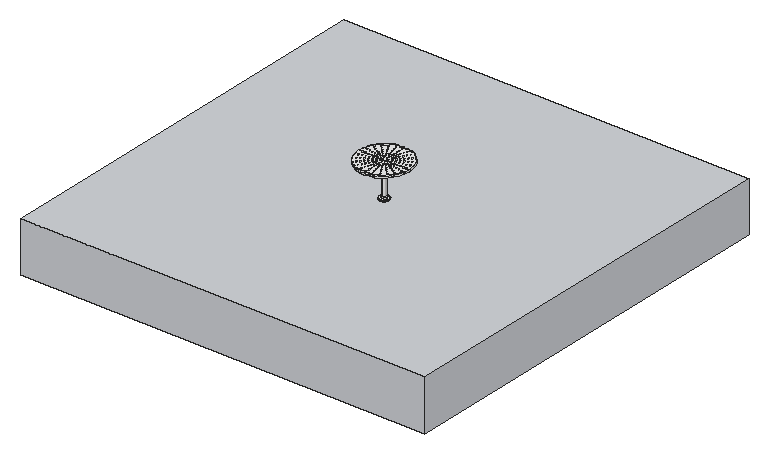
Revit family
Parameters (values of type "Metal-CP-Polished_Chrome")
  Width [instance] = 1' - 0"
  URL = "http://www.us.kohler.com"
  Showerhead Supply Pipe Radius = 0' 0 1/2"  # 1/2"
  Showerhead Supply Pipe Diameter = Showerhead Supply Pipe Radius * 2  # 1"
  Showerhead Supply = "Showerhead Supply"  # constant formula
  Product Page URL = "http://www.us.kohler.com/onlinecatalog/detail.jsp?prod_num=13690"
  Product Documentation Link = "http://www.us.kohler.com/onlinecatalog/pdf/1141989_4.pdf"
  Model = "K-13690"  # constant formula
  Manufacturer = "Kohler"  # constant formula
  Length [instance] = 0' - 8 1/4"
  Height [instance] = 1' - 0"
  Finish = Metal-Kohler-CP-Polished Chrome
  Description = "12in Contemporary round rainhead with Katalyst spray technology"  # constant formula
  Default Elevation = 0' - 0"
  Created By = "http://medialab3dstudio.com"
  Assembly Code = "C1030200"
Reference planes (in)
  plane 1 "Center (Front/Back)": y = 0
  plane 2 "Back": z = 0
  plane 3 "Center (Left/Right)": x = 0
  plane 4 "Left": x = -6
  plane 5 "Right": x = 6
  plane 6 "Top": y = 6
  plane 7 "Bottom": y = -6
  plane 8 "Front": z = 8.25
Forms (in)
  Extrusion 1, solid
    sketch origin (0, 0, 0) x (1, 0, 0) y (0, 1, 0)
      loop
        line (-48, 48) -> (-48, -48) -> (48, -48) -> (48, 48) -> (-48, 48)
    from 0 to -12
  Extrusion 2, solid, material "Metal-Kohler-CP-Polished Chrome" <- "Finish", detail levels coarse+medium
    sketch origin (0, 0, 0) x (1, 0, 0) y (0, 1, 0)
      loop
        line (-6, 6) -> (-6, -6) -> (6, -6) -> (6, 6) -> (-6, 6)
    from 0 to 8.25422
  Extrusion 3, solid, material "Metal-Kohler-CP-Polished Chrome" <- "Finish", not visible
    sketch origin (0, 0, 0) x (1, 0, 0) y (0, 1, 0)
      loop
        circle (0, 0) r 0.5
    from 0 to 0.16701
Lines and regions (in)
  Masking region 1, detail levels coarse
    outline origin (0, 0, 0) x (0, 1, 0) y (0, 0, 1)
      loop
        line (6, 8.25) -> (-6, 8.25) -> (-6, 0) -> (6, 0) -> (6, 8.25)
  Masking region 2, detail levels coarse
    outline origin (0, 0, 0) x (1, 0, 0) y (0, 0, 1)
      loop
        line (-6, 8.25) -> (-6, 0) -> (6, 0) -> (6, 8.25) -> (-6, 8.25)
Dimensions and locks (in)
  equal spacing: plane 4 "Left", plane 3 "Center (Left/Right)", plane 5 "Right", locked at 6 each
  "Width": plane 4 "Left" to plane 5 "Right"
  equal spacing: plane 6 "Top", plane 1 "Center (Front/Back)", plane 7 "Bottom", locked at 6 each
  "Height": plane 6 "Top" to plane 7 "Bottom"
  plane 8 "Front" to plane 2 "Back" = 0' - 8 1/4"
  "Length": plane 8 "Front" to plane 2 "Back"
  "Showerhead Supply Pipe Radius": radius of Extrusion 3 sketch curve
  aligned and locked: plane 2 "Back" to Extrusion 1
  aligned and locked: level to Extrusion 1
Automatic sketch dimensions
  Extrusion 1 sketch curve to Extrusion 1 sketch curve = 8' - 0"  (x2)
  plane 8 "Front" to Masking region 1 sketch curve = 0' - 0"
  Masking region 1 sketch curve to plane 7 "Bottom" = 0' - 0"
  plane 6 "Top" to Masking region 1 sketch curve = 0' - 0"
  Masking region 1 sketch curve to level = 0' - 0"
  Masking region 2 sketch curve to plane 4 "Left" = 0' - 0"
  Masking region 2 sketch curve to plane 5 "Right" = 0' - 0"
  Masking region 2 sketch curve to level = 0' - 0"
  plane 8 "Front" to Masking region 2 sketch curve = 0' - 0"
  Extrusion 2 sketch curve to plane 4 "Left" = 0' - 0"
  Extrusion 2 sketch curve to plane 5 "Right" = 0' - 0"
  Extrusion 2 sketch curve to plane 7 "Bottom" = 0' - 0"
  plane 6 "Top" to Extrusion 2 sketch curve = 0' - 0"
  Extrusion 3 sketch curve to plane 3 "Center (Left/Right)" = 0' - 0"
  Extrusion 3 sketch curve to plane 1 "Center (Front/Back)" = 0' - 0"
Nested families (in)
  nested 1: "13690_Base" at (0, 0, 5.50422), type "13690_Base"
  nested 2: "Arm_Base" at (0, 0, 0), type "Arm_Base"
Connectors (in)
  piping at (0, 0, 0), driven by "Showerhead Supply", driven by "Showerhead Supply Pipe Radius"
    settings: on Extrusion 3, index 1, connector radius 1/2", flow factor 0, pipe flow 2.5 GPM, pressure drop 0.00 psi, fitting loss kfactor 0, connector angle 0.00°, fixture units 0, flow configuration 0, flow direction 1, fitting loss method 0, system type 7, connector reference index -1, connector utility 0, adjustable connector no, is connector primary yes, fitting loss table "", connector description "Showerhead Supply"
Definition of nested family "13690_Base"
  Parameters (values of type "13690_Base")
    Finish = Metal-Kohler-CP-Polished Chrome
    Assembly Code = ""
  Reference planes (in)
    plane 1 "Center (Front/Back)": y = 0
    plane 2 "Back": z = 0
    plane 3 "Center (Left/Right)": x = 0
    plane 4 "Left": x = -6
    plane 5 "Right": x = 6
    plane 6 "Top": y = 6
    plane 7 "Bottom": y = -6
    plane 8 "Front": z = 2.75
  Forms (in)
    Revolve 1, solid, material "Metal-Kohler-CP-Polished Chrome" <- "Finish", detail levels fine
      sketch origin (0, 0, 0) x (1, 0, 0) y (0, 0, 1)
        loop
          line (0, 0) -> (0, 2.71692) -> (-5.97026, 2.71692)
          arc (-5.97026, 2.71692) -> (-5.9913, 2.70814) -> (-6, 2.68707) r 0.02985
          line (-6, 2.68707) -> (-6, 2.24404) -> (-0.72059, 2.24404) -> (-0.72059, 1.66964) -> (-0.68982, 1.66964) -> (-0.68982, 1.19665) -> (-0.43848, 1.19665)
          arc (-0.43848, 1.19665) -> (-0.39123, 1.13635) -> (-0.33581, 1.08346) r 0.53225
          arc (-0.33581, 1.08346) -> (-0.31109, 1.01901) -> (-0.35357, 0.96459) r 0.07013
          arc (-0.35357, 0.96459) -> (-0.4567, 0.87986) -> (-0.49543, 0.75212) r 0.23005
          line (-0.49543, 0.75212) -> (-0.49543, 0.02372)
          arc (-0.49543, 0.02372) -> (-0.49101, 0.00722) -> (-0.47553, 0) r 0.02021
          line (-0.47553, 0) -> (0, 0)
        axis (0, 0) -> (0, 2.71692)
      angle from 0 to 360
    Extrusion 2, solid, material "Metal-Kohler-CP-Polished Chrome" <- "Finish", detail levels fine
      sketch origin (0, 0, 0) x (-1, 0, 0) y (0, -1, 0)
        loop
          circle (3.75, 0) r 0.05864
        loop
          circle (3, 0) r 0.05864
        loop
          circle (2.25, 0) r 0.05864
        loop
          circle (1.5, 0) r 0.05864
        loop
          circle (4.5, 0) r 0.05864
        loop
          circle (0.75, 0) r 0.05864
        loop
          circle (5.25, 0) r 0.05864
        loop
          circle (-3.75, 0) r 0.05864
        loop
          circle (-3, 0) r 0.05864
        loop
          circle (-2.25, 0) r 0.05864
        loop
          circle (-1.5, 0) r 0.05864
        loop
          circle (-4.5, 0) r 0.05864
        loop
          circle (-0.75, 0) r 0.05864
        loop
          circle (-5.25, 0) r 0.05864
        loop
          circle (0, -3.75) r 0.05864
        loop
          circle (0, -3) r 0.05864
        loop
          circle (0, -2.25) r 0.05864
        loop
          circle (0, -1.5) r 0.05864
        loop
          circle (0, -4.5) r 0.05864
        loop
          circle (0, -0.75) r 0.05864
        loop
          circle (0, -5.25) r 0.05864
        loop
          circle (0, 3.75) r 0.05864
        loop
          circle (0, 3) r 0.05864
        loop
          circle (0, 2.25) r 0.05864
        loop
          circle (0, 1.5) r 0.05864
        loop
          circle (0, 4.5) r 0.05864
        loop
          circle (0, 0.75) r 0.05864
        loop
          circle (0, 5.25) r 0.05864
        loop
          circle (2.65165, -2.65165) r 0.05864
        loop
          circle (2.12132, -2.12132) r 0.05864
        loop
          circle (1.59099, -1.59099) r 0.05864
        loop
          circle (1.06066, -1.06066) r 0.05864
        loop
          circle (3.18198, -3.18198) r 0.05864
        loop
          circle (0.53033, -0.53033) r 0.05864
        loop
          circle (3.71231, -3.71231) r 0.05864
        loop
          circle (-2.65165, 2.65165) r 0.05864
        loop
          circle (-2.12132, 2.12132) r 0.05864
        loop
          circle (-1.59099, 1.59099) r 0.05864
        loop
          circle (-1.06066, 1.06066) r 0.05864
        loop
          circle (-3.18198, 3.18198) r 0.05864
        loop
          circle (-0.53033, 0.53033) r 0.05864
        loop
          circle (-3.71231, 3.71231) r 0.05864
        loop
          circle (-2.65165, -2.65165) r 0.05864
        loop
          circle (-2.12132, -2.12132) r 0.05864
        loop
          circle (-1.59099, -1.59099) r 0.05864
        loop
          circle (-1.06066, -1.06066) r 0.05864
        loop
          circle (-3.18198, -3.18198) r 0.05864
        loop
          circle (-0.53033, -0.53033) r 0.05864
        loop
          circle (-3.71231, -3.71231) r 0.05864
        loop
          circle (2.65165, 2.65165) r 0.05864
        loop
          circle (2.12132, 2.12132) r 0.05864
        loop
          circle (1.59099, 1.59099) r 0.05864
        loop
          circle (1.06066, 1.06066) r 0.05864
        loop
          circle (3.18198, 3.18198) r 0.05864
        loop
          circle (0.53033, 0.53033) r 0.05864
        loop
          circle (3.71231, 3.71231) r 0.05864
        loop
          circle (0.97057, -3.62222) r 0.05864
        loop
          circle (0.77646, -2.89778) r 0.05864
        loop
          circle (0.58234, -2.17333) r 0.05864
        loop
          circle (1.16469, -4.34667) r 0.05864
        loop
          circle (1.3588, -5.07111) r 0.05864
        loop
          circle (1.875, -3.2476) r 0.05864
        loop
          circle (1.5, -2.59808) r 0.05864
        loop
          circle (1.125, -1.94856) r 0.05864
        loop
          circle (0.75, -1.29904) r 0.05864
        loop
          circle (2.25, -3.89711) r 0.05864
        loop
          circle (2.625, -4.54663) r 0.05864
        loop
          circle (-0.97057, -3.62222) r 0.05864
        loop
          circle (-0.77646, -2.89778) r 0.05864
        loop
          circle (-0.58234, -2.17333) r 0.05864
        loop
          circle (-1.16469, -4.34667) r 0.05864
        loop
          circle (-1.3588, -5.07111) r 0.05864
        loop
          circle (-1.875, -3.2476) r 0.05864
        loop
          circle (-1.5, -2.59808) r 0.05864
        loop
          circle (-1.125, -1.94856) r 0.05864
        loop
          circle (-0.75, -1.29904) r 0.05864
        loop
          circle (-2.25, -3.89711) r 0.05864
        loop
          circle (-2.625, -4.54663) r 0.05864
        loop
          circle (-0.97057, 3.62222) r 0.05864
        loop
          circle (-0.77646, 2.89778) r 0.05864
        loop
          circle (-0.58234, 2.17333) r 0.05864
        loop
          circle (-1.16469, 4.34667) r 0.05864
        loop
          circle (-1.3588, 5.07111) r 0.05864
        loop
          circle (-1.875, 3.2476) r 0.05864
        loop
          circle (-1.5, 2.59808) r 0.05864
        loop
          circle (-1.125, 1.94856) r 0.05864
        loop
          circle (-0.75, 1.29904) r 0.05864
        loop
          circle (-2.25, 3.89711) r 0.05864
        loop
          circle (-2.625, 4.54663) r 0.05864
        loop
          circle (0.97057, 3.62222) r 0.05864
        loop
          circle (0.77646, 2.89778) r 0.05864
        loop
          circle (0.58234, 2.17333) r 0.05864
        loop
          circle (1.16469, 4.34667) r 0.05864
        loop
          circle (1.3588, 5.07111) r 0.05864
        loop
          circle (1.875, 3.2476) r 0.05864
        loop
          circle (1.5, 2.59808) r 0.05864
        loop
          circle (1.125, 1.94856) r 0.05864
        loop
          circle (0.75, 1.29904) r 0.05864
        loop
          circle (2.25, 3.89711) r 0.05864
        loop
          circle (2.625, 4.54663) r 0.05864
        loop
          circle (3.62222, 0.97057) r 0.05864
        loop
          circle (2.89778, 0.77646) r 0.05864
        loop
          circle (2.17333, 0.58234) r 0.05864
        loop
          circle (4.34667, 1.16469) r 0.05864
        loop
          circle (5.07111, 1.3588) r 0.05864
        loop
          circle (3.2476, 1.875) r 0.05864
        loop
          circle (2.59808, 1.5) r 0.05864
        loop
          circle (1.94856, 1.125) r 0.05864
        loop
          circle (1.29904, 0.75) r 0.05864
        loop
          circle (3.89711, 2.25) r 0.05864
        loop
          circle (4.54663, 2.625) r 0.05864
        loop
          circle (3.62222, -0.97057) r 0.05864
        loop
          circle (2.89778, -0.77646) r 0.05864
        loop
          circle (2.17333, -0.58234) r 0.05864
        loop
          circle (4.34667, -1.16469) r 0.05864
        loop
          circle (5.07111, -1.3588) r 0.05864
        loop
          circle (3.2476, -1.875) r 0.05864
        loop
          circle (2.59808, -1.5) r 0.05864
        loop
          circle (1.94856, -1.125) r 0.05864
        loop
          circle (1.29904, -0.75) r 0.05864
        loop
          circle (3.89711, -2.25) r 0.05864
        loop
          circle (4.54663, -2.625) r 0.05864
        loop
          circle (-3.62222, -0.97057) r 0.05864
        loop
          circle (-2.89778, -0.77646) r 0.05864
        loop
          circle (-2.17333, -0.58234) r 0.05864
        loop
          circle (-4.34667, -1.16469) r 0.05864
        loop
          circle (-5.07111, -1.3588) r 0.05864
        loop
          circle (-3.2476, -1.875) r 0.05864
        loop
          circle (-2.59808, -1.5) r 0.05864
        loop
          circle (-1.94856, -1.125) r 0.05864
        loop
          circle (-1.29904, -0.75) r 0.05864
        loop
          circle (-3.89711, -2.25) r 0.05864
        loop
          circle (-4.54663, -2.625) r 0.05864
        loop
          circle (-3.62222, 0.97057) r 0.05864
        loop
          circle (-2.89778, 0.77646) r 0.05864
        loop
          circle (-2.17333, 0.58234) r 0.05864
        loop
          circle (-4.34667, 1.16469) r 0.05864
        loop
          circle (-5.07111, 1.3588) r 0.05864
        loop
          circle (-3.2476, 1.875) r 0.05864
        loop
          circle (-2.59808, 1.5) r 0.05864
        loop
          circle (-1.94856, 1.125) r 0.05864
        loop
          circle (-1.29904, 0.75) r 0.05864
        loop
          circle (-3.89711, 2.25) r 0.05864
        loop
          circle (-4.54663, 2.625) r 0.05864
      from 2.52219 to 2.75
  Cuts and joins
    joined: Revolve 1, Extrusion 2
  Lines and regions (in)
    Masking region 1, detail levels medium+fine
      outline origin (0, 0, 0) x (1, 0, 0) y (0, 0, 1)
        loop
          line (-0.47553, 0) -> (0.47553, 0)
          arc (0.47553, 0) -> (0.49088, 0.00733) -> (0.49543, 0.02372) r 0.02052
          line (0.49543, 0.02372) -> (0.49543, 0.75212)
          arc (0.49543, 0.75212) -> (0.45667, 0.87989) -> (0.35346, 0.96459) r 0.22998
          arc (0.35346, 0.96459) -> (0.31099, 1.01905) -> (0.33591, 1.08346) r 0.07001
          arc (0.33591, 1.08346) -> (0.39141, 1.13623) -> (0.43848, 1.19665) r 0.51518
          line (0.43848, 1.19665) -> (0.68982, 1.19665) -> (0.68982, 1.66964) -> (0.72059, 1.66964) -> (0.72059, 2.24404) -> (6, 2.24404) -> (6, 2.68718)
          arc (6, 2.68718) -> (5.99129, 2.70821) -> (5.97026, 2.71692) r 0.02974
          line (5.97026, 2.71692) -> (-5.97026, 2.71692)
          arc (-5.97026, 2.71692) -> (-5.99129, 2.70821) -> (-6, 2.68718) r 0.02974
          line (-6, 2.68718) -> (-6, 2.24404) -> (-0.72059, 2.24404) -> (-0.72059, 1.66964) -> (-0.68982, 1.66964) -> (-0.68982, 1.19665) -> (-0.43848, 1.19665)
          arc (-0.43848, 1.19665) -> (-0.39141, 1.13623) -> (-0.33591, 1.08346) r 0.51518
          arc (-0.33591, 1.08346) -> (-0.31099, 1.01905) -> (-0.35346, 0.96459) r 0.07001
          arc (-0.35346, 0.96459) -> (-0.45667, 0.87989) -> (-0.49543, 0.75212) r 0.22998
          line (-0.49543, 0.75212) -> (-0.49543, 0.02372)
          arc (-0.49543, 0.02372) -> (-0.49088, 0.00733) -> (-0.47553, 0) r 0.02052
    Masking region 2, detail levels medium+fine
      outline origin (0, 0, 0) x (0, 1, 0) y (0, 0, 1)
        loop
          arc (0.47553, 0) -> (0.49093, 0.00718) -> (0.49532, 0.02359) r 0.0201
          line (0.49532, 0.02359) -> (0.49532, 0.75212)
          arc (0.49532, 0.75212) -> (0.45614, 0.88026) -> (0.35201, 0.96459) r 0.22916
          arc (0.35201, 0.96459) -> (0.31138, 1.01963) -> (0.33597, 1.08346) r 0.07111
          arc (0.33597, 1.08346) -> (0.39108, 1.13665) -> (0.43869, 1.19665) r 0.57911
          line (0.43869, 1.19665) -> (0.68956, 1.19665) -> (0.68956, 1.66964) -> (0.72059, 1.66964) -> (0.72059, 2.26074) -> (6, 2.26074) -> (6, 2.70356)
          arc (6, 2.70356) -> (5.99121, 2.7248) -> (5.96999, 2.73363) r 0.03007
          line (5.96999, 2.73363) -> (-5.96992, 2.73363)
          arc (-5.96992, 2.73363) -> (-5.99119, 2.72482) -> (-6, 2.70355) r 0.03008
          line (-6, 2.70355) -> (-6, 2.26074) -> (-0.72059, 2.26074) -> (-0.72059, 1.66964) -> (-0.68956, 1.66964) -> (-0.68956, 1.19665) -> (-0.43869, 1.19665)
          arc (-0.43869, 1.19665) -> (-0.39108, 1.13665) -> (-0.33597, 1.08346) r 0.57911
          arc (-0.33597, 1.08346) -> (-0.31138, 1.01963) -> (-0.35201, 0.96459) r 0.07111
          arc (-0.35201, 0.96459) -> (-0.45614, 0.88026) -> (-0.49532, 0.75212) r 0.22916
          line (-0.49532, 0.75212) -> (-0.49532, 0.02359)
          arc (-0.49532, 0.02359) -> (-0.49093, 0.00718) -> (-0.47553, 0) r 0.0201
          line (-0.47553, 0) -> (0.47553, 0)
    Masking region 3, detail levels coarse
      outline origin (0, 0, 0) x (1, 0, 0) y (0, 1, 0)
        loop
          line (-6, 6) -> (-6, -6) -> (6, -6) -> (6, 6) -> (-6, 6)
    Masking region 4, detail levels medium+fine
      outline origin (0, 0, 0) x (1, 0, 0) y (0, 1, 0)
        loop
          circle (0, 0) r 6
    symbolic lines
      curve 1: line (-5.2007, 0, 2.76048) -> (-5.19204, 0, 2.72296)
    symbolic lines, style "Masking Lines", detail levels fine
      curve 2: line (-0.72059, 0, 2.24404) -> (0.72059, 0, 2.24404)
      curve 3: line (-0.68982, 0, 1.66964) -> (0.68982, 0, 1.66964)
      curve 4: line (-0.43848, 0, 1.19665) -> (0.43848, 0, 1.19665)
      curve 5: line (-0.33591, 0, 1.08346) -> (0.33591, 0, 1.08346)
      curve 6: line (-0.35346, 0, 0.96459) -> (0.35346, 0, 0.96459)
      curve 7: line (-0.49543, 0, 0.75212) -> (-0.19715, 0, 0.75212)
      curve 8: line (0.19298, 0, 0.75212) -> (0.49543, 0, 0.75212)
      curve 9: spline (-0.19715, 0, 0.75212) -> (-0.19043, 0, 0.78649) -> (-0.17074, 0, 0.81851) -> (-0.13942, 0, 0.84602) -> (-0.0986, 0, 0.86712) -> (-0.05107, 0, 0.88038) -> (-0.00005, 0, 0.88491) -> (0.05096, 0, 0.88038) -> (0.09849, 0, 0.86712) -> (0.13931, 0, 0.84602) -> (0.17064, 0, 0.81851) -> (0.19033, 0, 0.78649) -> (0.19704, 0, 0.75212)
      curve 10: spline (-0.19308, 0, 0.75212) -> (-0.18651, 0, 0.78493) -> (-0.16722, 0, 0.8155) -> (-0.13655, 0, 0.84175) -> (-0.09657, 0, 0.8619) -> (-0.05001, 0, 0.87456) -> (-0.00005, 0, 0.87888) -> (0.04991, 0, 0.87456) -> (0.09646, 0, 0.8619) -> (0.13644, 0, 0.84175) -> (0.16712, 0, 0.8155) -> (0.1864, 0, 0.78493) -> (0.19298, 0, 0.75212)
      curve 11: line (0.19704, 0, 0.17428) -> (0.19704, 0, 0.75212)
      curve 12: line (0.19298, 0, 0.1745) -> (0.19298, 0, 0.75212)
      curve 13: line (-0.19715, 0, 0.75212) -> (-0.19715, 0, 0.17428)
      curve 14: line (-0.19308, 0, 0.75212) -> (-0.19308, 0, 0.1745)
      curve 15: line (-0.19715, 0, 0.17428) -> (0.19704, 0, 0.17428)
      curve 16: line (0.17668, 0, 0.16743) -> (-0.17896, 0, 0.16743)
      curve 17: line (-0.19308, 0, 0.1745) -> (0.19298, 0, 0.1745)
      curve 18: line (-0.19715, 0, 0.17428) -> (0.19704, 0, 0.17428)
      curve 19: line (0.49543, 0, 0.02372) -> (-0.49543, 0, 0.02372)
      curve 20: line (0.49543, 0, 0.02022) -> (-0.49543, 0, 0.02022)
      curve 21: line (0, 0.49543, 0.02022) -> (0, -0.49543, 0.02022)
      curve 22: line (0, -0.49532, 0.75212) -> (0, 0.49532, 0.75212)
      curve 23: line (0, -0.35357, 0.96459) -> (0, 0.35335, 0.96459)
      curve 24: line (0, -0.33591, 1.08346) -> (0, 0.33575, 1.08346)
      curve 25: line (0, -0.68982, 1.19665) -> (0, 0.68956, 1.19665)
      curve 26: line (0, 4.00021, 2.26074) -> (0, -4, 2.26074)
      curve 27: arc (-0.43848, 0, 2.75) -> (0, -0.43848, 2.75) -> (0.43848, 0, 2.75) r 0.43848
      curve 28: arc (0.43848, 0, 2.75) -> (0, 0.43848, 2.75) -> (-0.43848, 0, 2.75) r 0.43848
      curve 29: arc (0, 5.19136, 2.75) -> (0.05864, 5.25, 2.75) -> (0, 5.30864, 2.75) r 0.05864
      curve 30: arc (0, 5.30864, 2.75) -> (-0.05864, 5.25, 2.75) -> (0, 5.19136, 2.75) r 0.05864
      curve 31: arc (0, 4.44136, 2.75) -> (0.05864, 4.5, 2.75) -> (0, 4.55864, 2.75) r 0.05864
      curve 32: arc (0, 4.55864, 2.75) -> (-0.05864, 4.5, 2.75) -> (0, 4.44136, 2.75) r 0.05864
      curve 33: arc (0, 3.69136, 2.75) -> (0.05864, 3.75, 2.75) -> (0, 3.80864, 2.75) r 0.05864
      curve 34: arc (0, 3.80864, 2.75) -> (-0.05864, 3.75, 2.75) -> (0, 3.69136, 2.75) r 0.05864
      curve 35: arc (0, 2.94136, 2.75) -> (0.05864, 3, 2.75) -> (0, 3.05864, 2.75) r 0.05864
      curve 36: arc (0, 3.05864, 2.75) -> (-0.05864, 3, 2.75) -> (0, 2.94136, 2.75) r 0.05864
      curve 37: arc (0, 2.19136, 2.75) -> (0.05864, 2.25, 2.75) -> (0, 2.30864, 2.75) r 0.05864
      curve 38: arc (0, 2.30864, 2.75) -> (-0.05864, 2.25, 2.75) -> (0, 2.19136, 2.75) r 0.05864
      curve 39: arc (0, 1.44136, 2.75) -> (0.05864, 1.5, 2.75) -> (0, 1.55864, 2.75) r 0.05864
      curve 40: arc (0, 1.55864, 2.75) -> (-0.05864, 1.5, 2.75) -> (0, 1.44136, 2.75) r 0.05864
      curve 41: arc (0, 0.69136, 2.75) -> (0.05864, 0.75, 2.75) -> (0, 0.80864, 2.75) r 0.05864
      curve 42: arc (0, 0.80864, 2.75) -> (-0.05864, 0.75, 2.75) -> (0, 0.69136, 2.75) r 0.05864
      curve 43: arc (0, -0.80864, 2.75) -> (0.05864, -0.75, 2.75) -> (0, -0.69136, 2.75) r 0.05864
      curve 44: arc (0, -0.69136, 2.75) -> (-0.05864, -0.75, 2.75) -> (0, -0.80864, 2.75) r 0.05864
      curve 45: arc (0, -1.55864, 2.75) -> (0.05864, -1.5, 2.75) -> (0, -1.44136, 2.75) r 0.05864
      curve 46: arc (0, -1.44136, 2.75) -> (-0.05864, -1.5, 2.75) -> (0, -1.55864, 2.75) r 0.05864
      curve 47: arc (0, -2.30864, 2.75) -> (0.05864, -2.25, 2.75) -> (0, -2.19136, 2.75) r 0.05864
      curve 48: arc (0, -2.19136, 2.75) -> (-0.05864, -2.25, 2.75) -> (0, -2.30864, 2.75) r 0.05864
      curve 49: arc (0, -3.05864, 2.75) -> (0.05864, -3, 2.75) -> (0, -2.94136, 2.75) r 0.05864
      curve 50: arc (0, -2.94136, 2.75) -> (-0.05864, -3, 2.75) -> (0, -3.05864, 2.75) r 0.05864
      curve 51: arc (0, -3.80864, 2.75) -> (0.05864, -3.75, 2.75) -> (0, -3.69136, 2.75) r 0.05864
      curve 52: arc (0, -3.69136, 2.75) -> (-0.05864, -3.75, 2.75) -> (0, -3.80864, 2.75) r 0.05864
      curve 53: arc (0, -4.44136, 2.75) -> (0.05864, -4.5, 2.75) -> (0, -4.55864, 2.75) r 0.05864
      curve 54: arc (0, -4.55864, 2.75) -> (-0.05864, -4.5, 2.75) -> (0, -4.44136, 2.75) r 0.05864
      curve 55: arc (0, -5.30864, 2.75) -> (0.05864, -5.25, 2.75) -> (0, -5.19136, 2.75) r 0.05864
      curve 56: arc (0, -5.19136, 2.75) -> (-0.05864, -5.25, 2.75) -> (0, -5.30864, 2.75) r 0.05864
      curve 57: arc (0, 0.43848, 2.75) -> (-0.43848, 0, 2.75) -> (0, -0.43848, 2.75) r 0.43848
      curve 58: arc (0, -0.43848, 2.75) -> (0.43848, 0, 2.75) -> (0, 0.43848, 2.75) r 0.43848
      curve 59: arc (5.19136, 0, 2.75) -> (5.25, -0.05864, 2.75) -> (5.30864, 0, 2.75) r 0.05864
      curve 60: arc (5.30864, 0, 2.75) -> (5.25, 0.05864, 2.75) -> (5.19136, 0, 2.75) r 0.05864
      curve 61: arc (4.44136, 0, 2.75) -> (4.5, -0.05864, 2.75) -> (4.55864, 0, 2.75) r 0.05864
      curve 62: arc (4.55864, 0, 2.75) -> (4.5, 0.05864, 2.75) -> (4.44136, 0, 2.75) r 0.05864
      curve 63: arc (3.69136, 0, 2.75) -> (3.75, -0.05864, 2.75) -> (3.80864, 0, 2.75) r 0.05864
      curve 64: arc (3.80864, 0, 2.75) -> (3.75, 0.05864, 2.75) -> (3.69136, 0, 2.75) r 0.05864
      curve 65: arc (2.94136, 0, 2.75) -> (3, -0.05864, 2.75) -> (3.05864, 0, 2.75) r 0.05864
      curve 66: arc (3.05864, 0, 2.75) -> (3, 0.05864, 2.75) -> (2.94136, 0, 2.75) r 0.05864
      curve 67: arc (2.19136, 0, 2.75) -> (2.25, -0.05864, 2.75) -> (2.30864, 0, 2.75) r 0.05864
      curve 68: arc (2.30864, 0, 2.75) -> (2.25, 0.05864, 2.75) -> (2.19136, 0, 2.75) r 0.05864
      curve 69: arc (1.44136, 0, 2.75) -> (1.5, -0.05864, 2.75) -> (1.55864, 0, 2.75) r 0.05864
      curve 70: arc (1.55864, 0, 2.75) -> (1.5, 0.05864, 2.75) -> (1.44136, 0, 2.75) r 0.05864
      curve 71: arc (0.69136, 0, 2.75) -> (0.75, -0.05864, 2.75) -> (0.80864, 0, 2.75) r 0.05864
      curve 72: arc (0.80864, 0, 2.75) -> (0.75, 0.05864, 2.75) -> (0.69136, 0, 2.75) r 0.05864
      curve 73: arc (-0.7867, 0, 2.75) -> (-0.72807, -0.05864, 2.75) -> (-0.66943, 0, 2.75) r 0.05864
      curve 74: arc (-0.66943, 0, 2.75) -> (-0.72807, 0.05864, 2.75) -> (-0.7867, 0, 2.75) r 0.05864
      curve 75: arc (-1.5367, 0, 2.75) -> (-1.47807, -0.05864, 2.75) -> (-1.41943, 0, 2.75) r 0.05864
      curve 76: arc (-1.41943, 0, 2.75) -> (-1.47807, 0.05864, 2.75) -> (-1.5367, 0, 2.75) r 0.05864
      curve 77: arc (-2.2867, 0, 2.75) -> (-2.22807, -0.05864, 2.75) -> (-2.16943, 0, 2.75) r 0.05864
      curve 78: arc (-2.16943, 0, 2.75) -> (-2.22807, 0.05864, 2.75) -> (-2.2867, 0, 2.75) r 0.05864
      curve 79: arc (-3.0367, 0, 2.75) -> (-2.97807, -0.05864, 2.75) -> (-2.91943, 0, 2.75) r 0.05864
      curve 80: arc (-2.91943, 0, 2.75) -> (-2.97807, 0.05864, 2.75) -> (-3.0367, 0, 2.75) r 0.05864
      curve 81: arc (-3.7867, 0, 2.75) -> (-3.72807, -0.05864, 2.75) -> (-3.66943, 0, 2.75) r 0.05864
      curve 82: arc (-3.66943, 0, 2.75) -> (-3.72807, 0.05864, 2.75) -> (-3.7867, 0, 2.75) r 0.05864
      curve 83: arc (-4.41943, 0, 2.75) -> (-4.47807, -0.05864, 2.75) -> (-4.5367, 0, 2.75) r 0.05864
      curve 84: arc (-4.5367, 0, 2.75) -> (-4.47807, 0.05864, 2.75) -> (-4.41943, 0, 2.75) r 0.05864
      curve 85: arc (-5.2867, 0, 2.75) -> (-5.22807, -0.05864, 2.75) -> (-5.16943, 0, 2.75) r 0.05864
      curve 86: arc (-5.16943, 0, 2.75) -> (-5.22807, 0.05864, 2.75) -> (-5.2867, 0, 2.75) r 0.05864
      curve 87: arc (0, 5.19136, 2.75) -> (0.05864, 5.25, 2.75) -> (0, 5.30864, 2.75) r 0.05864
      curve 88: arc (0, 5.30864, 2.75) -> (-0.05864, 5.25, 2.75) -> (0, 5.19136, 2.75) r 0.05864
      curve 89: arc (0, 4.44136, 2.75) -> (0.05864, 4.5, 2.75) -> (0, 4.55864, 2.75) r 0.05864
      curve 90: arc (0, 4.55864, 2.75) -> (-0.05864, 4.5, 2.75) -> (0, 4.44136, 2.75) r 0.05864
      curve 91: arc (0, 3.69136, 2.75) -> (0.05864, 3.75, 2.75) -> (0, 3.80864, 2.75) r 0.05864
      curve 92: arc (0, 3.80864, 2.75) -> (-0.05864, 3.75, 2.75) -> (0, 3.69136, 2.75) r 0.05864
      curve 93: arc (0, 2.94136, 2.75) -> (0.05864, 3, 2.75) -> (0, 3.05864, 2.75) r 0.05864
      curve 94: arc (0, 3.05864, 2.75) -> (-0.05864, 3, 2.75) -> (0, 2.94136, 2.75) r 0.05864
      curve 95: arc (0, 2.19136, 2.75) -> (0.05864, 2.25, 2.75) -> (0, 2.30864, 2.75) r 0.05864
      curve 96: arc (0, 2.30864, 2.75) -> (-0.05864, 2.25, 2.75) -> (0, 2.19136, 2.75) r 0.05864
      curve 97: arc (0, 1.44136, 2.75) -> (0.05864, 1.5, 2.75) -> (0, 1.55864, 2.75) r 0.05864
      curve 98: arc (0, 1.55864, 2.75) -> (-0.05864, 1.5, 2.75) -> (0, 1.44136, 2.75) r 0.05864
      curve 99: arc (0, 0.69136, 2.75) -> (0.05864, 0.75, 2.75) -> (0, 0.80864, 2.75) r 0.05864
      curve 100: arc (0, 0.80864, 2.75) -> (-0.05864, 0.75, 2.75) -> (0, 0.69136, 2.75) r 0.05864
      curve 101: arc (0, -0.80864, 2.75) -> (0.05864, -0.75, 2.75) -> (0, -0.69136, 2.75) r 0.05864
      curve 102: arc (0, -0.69136, 2.75) -> (-0.05864, -0.75, 2.75) -> (0, -0.80864, 2.75) r 0.05864
      curve 103: arc (0, -1.55864, 2.75) -> (0.05864, -1.5, 2.75) -> (0, -1.44136, 2.75) r 0.05864
      curve 104: arc (0, -1.44136, 2.75) -> (-0.05864, -1.5, 2.75) -> (0, -1.55864, 2.75) r 0.05864
      curve 105: arc (0, -2.30864, 2.75) -> (0.05864, -2.25, 2.75) -> (0, -2.19136, 2.75) r 0.05864
      curve 106: arc (0, -2.19136, 2.75) -> (-0.05864, -2.25, 2.75) -> (0, -2.30864, 2.75) r 0.05864
      curve 107: arc (0, -3.05864, 2.75) -> (0.05864, -3, 2.75) -> (0, -2.94136, 2.75) r 0.05864
      curve 108: arc (0, -2.94136, 2.75) -> (-0.05864, -3, 2.75) -> (0, -3.05864, 2.75) r 0.05864
      curve 109: arc (0, -3.80864, 2.75) -> (0.05864, -3.75, 2.75) -> (0, -3.69136, 2.75) r 0.05864
      curve 110: arc (0, -3.69136, 2.75) -> (-0.05864, -3.75, 2.75) -> (0, -3.80864, 2.75) r 0.05864
      curve 111: arc (0, -4.44136, 2.75) -> (0.05864, -4.5, 2.75) -> (0, -4.55864, 2.75) r 0.05864
      curve 112: arc (0, -4.55864, 2.75) -> (-0.05864, -4.5, 2.75) -> (0, -4.44136, 2.75) r 0.05864
      curve 113: arc (0, -5.30864, 2.75) -> (0.05864, -5.25, 2.75) -> (0, -5.19136, 2.75) r 0.05864
      curve 114: arc (0, -5.19136, 2.75) -> (-0.05864, -5.25, 2.75) -> (0, -5.30864, 2.75) r 0.05864
      curve 115: arc (5.19136, 0, 2.75) -> (5.25, -0.05864, 2.75) -> (5.30864, 0, 2.75) r 0.05864
      curve 116: arc (5.30864, 0, 2.75) -> (5.25, 0.05864, 2.75) -> (5.19136, 0, 2.75) r 0.05864
      curve 117: arc (4.44136, 0, 2.75) -> (4.5, -0.05864, 2.75) -> (4.55864, 0, 2.75) r 0.05864
      curve 118: arc (4.55864, 0, 2.75) -> (4.5, 0.05864, 2.75) -> (4.44136, 0, 2.75) r 0.05864
      curve 119: arc (3.69136, 0, 2.75) -> (3.75, -0.05864, 2.75) -> (3.80864, 0, 2.75) r 0.05864
      curve 120: arc (3.80864, 0, 2.75) -> (3.75, 0.05864, 2.75) -> (3.69136, 0, 2.75) r 0.05864
      curve 121: arc (2.94136, 0, 2.75) -> (3, -0.05864, 2.75) -> (3.05864, 0, 2.75) r 0.05864
      curve 122: arc (3.05864, 0, 2.75) -> (3, 0.05864, 2.75) -> (2.94136, 0, 2.75) r 0.05864
      curve 123: arc (2.19136, 0, 2.75) -> (2.25, -0.05864, 2.75) -> (2.30864, 0, 2.75) r 0.05864
      curve 124: arc (2.30864, 0, 2.75) -> (2.25, 0.05864, 2.75) -> (2.19136, 0, 2.75) r 0.05864
      curve 125: arc (1.44136, 0, 2.75) -> (1.5, -0.05864, 2.75) -> (1.55864, 0, 2.75) r 0.05864
      curve 126: arc (1.55864, 0, 2.75) -> (1.5, 0.05864, 2.75) -> (1.44136, 0, 2.75) r 0.05864
      curve 127: arc (0.69136, 0, 2.75) -> (0.75, -0.05864, 2.75) -> (0.80864, 0, 2.75) r 0.05864
      curve 128: arc (0.80864, 0, 2.75) -> (0.75, 0.05864, 2.75) -> (0.69136, 0, 2.75) r 0.05864
      curve 129: arc (-0.7867, 0, 2.75) -> (-0.75, -0.0367, 2.75) -> (-0.7133, 0, 2.75) r 0.0367
      curve 130: arc (-0.7133, 0, 2.75) -> (-0.75, 0.0367, 2.75) -> (-0.7867, 0, 2.75) r 0.0367
      curve 131: arc (-1.5367, 0, 2.75) -> (-1.47807, -0.05864, 2.75) -> (-1.41943, 0, 2.75) r 0.05864
      curve 132: arc (-1.41943, 0, 2.75) -> (-1.47807, 0.05864, 2.75) -> (-1.5367, 0, 2.75) r 0.05864
      curve 133: arc (-2.2867, 0, 2.75) -> (-2.22807, -0.05864, 2.75) -> (-2.16943, 0, 2.75) r 0.05864
      curve 134: arc (-2.16943, 0, 2.75) -> (-2.22807, 0.05864, 2.75) -> (-2.2867, 0, 2.75) r 0.05864
      curve 135: arc (-3.0367, 0, 2.75) -> (-2.97807, -0.05864, 2.75) -> (-2.91943, 0, 2.75) r 0.05864
      curve 136: arc (-2.91943, 0, 2.75) -> (-2.97807, 0.05864, 2.75) -> (-3.0367, 0, 2.75) r 0.05864
      curve 137: arc (-3.7867, 0, 2.75) -> (-3.72807, -0.05864, 2.75) -> (-3.66943, 0, 2.75) r 0.05864
      curve 138: arc (-3.66943, 0, 2.75) -> (-3.72807, 0.05864, 2.75) -> (-3.7867, 0, 2.75) r 0.05864
      curve 139: arc (-4.41943, 0, 2.75) -> (-4.47807, -0.05864, 2.75) -> (-4.5367, 0, 2.75) r 0.05864
      curve 140: arc (-4.5367, 0, 2.75) -> (-4.47807, 0.05864, 2.75) -> (-4.41943, 0, 2.75) r 0.05864
      curve 141: arc (-5.2867, 0, 2.75) -> (-5.22807, -0.05864, 2.75) -> (-5.16943, 0, 2.75) r 0.05864
      curve 142: arc (-5.16943, 0, 2.75) -> (-5.22807, 0.05864, 2.75) -> (-5.2867, 0, 2.75) r 0.05864
      curve 143: arc (-0.56717, 2.11669, 2.75) -> (-0.5257, 2.18851, 2.75) -> (-0.59752, 2.22997, 2.75) r 0.05864
      curve 144: arc (-0.59752, 2.22997, 2.75) -> (-0.63898, 2.15816, 2.75) -> (-0.56717, 2.11669, 2.75) r 0.05864
      curve 145: arc (-0.76128, 2.84114, 2.75) -> (-0.71982, 2.91295, 2.75) -> (-0.79163, 2.95442, 2.75) r 0.05864
      curve 146: arc (-0.79163, 2.95442, 2.75) -> (-0.8331, 2.8826, 2.75) -> (-0.76128, 2.84114, 2.75) r 0.05864
      curve 147: arc (-0.95539, 3.56558, 2.75) -> (-0.91393, 3.6374, 2.75) -> (-0.98575, 3.67886, 2.75) r 0.05864
      curve 148: arc (-0.98575, 3.67886, 2.75) -> (-1.02721, 3.60705, 2.75) -> (-0.95539, 3.56558, 2.75) r 0.05864
      curve 149: arc (-1.14951, 4.29003, 2.75) -> (-1.10805, 4.36184, 2.75) -> (-1.17986, 4.40331, 2.75) r 0.05864
      curve 150: arc (-1.17986, 4.40331, 2.75) -> (-1.22133, 4.33149, 2.75) -> (-1.14951, 4.29003, 2.75) r 0.05864
      curve 151: arc (-1.34362, 5.01447, 2.75) -> (-1.30216, 5.08629, 2.75) -> (-1.37398, 5.12775, 2.75) r 0.05864
      curve 152: arc (-1.37398, 5.12775, 2.75) -> (-1.41544, 5.05593, 2.75) -> (-1.34362, 5.01447, 2.75) r 0.05864
      curve 153: arc (-2.59568, 4.49585, 2.75) -> (-2.57422, 4.57595, 2.75) -> (-2.65432, 4.59742, 2.75) r 0.05864
      curve 154: arc (-2.65432, 4.59742, 2.75) -> (-2.67578, 4.51731, 2.75) -> (-2.59568, 4.49585, 2.75) r 0.05864
      curve 155: arc (-2.22068, 3.84633, 2.75) -> (-2.19922, 3.92643, 2.75) -> (-2.27932, 3.9479, 2.75) r 0.05864
      curve 156: arc (-2.27932, 3.9479, 2.75) -> (-2.30078, 3.8678, 2.75) -> (-2.22068, 3.84633, 2.75) r 0.05864
      curve 157: arc (-1.84568, 3.19681, 2.75) -> (-1.82422, 3.27691, 2.75) -> (-1.90432, 3.29838, 2.75) r 0.05864
      curve 158: arc (-1.90432, 3.29838, 2.75) -> (-1.92578, 3.21828, 2.75) -> (-1.84568, 3.19681, 2.75) r 0.05864
      curve 159: arc (-1.47068, 2.54729, 2.75) -> (-1.44922, 2.6274, 2.75) -> (-1.52932, 2.64886, 2.75) r 0.05864
      curve 160: arc (-1.52932, 2.64886, 2.75) -> (-1.55078, 2.56876, 2.75) -> (-1.47068, 2.54729, 2.75) r 0.05864
      curve 161: arc (-1.09568, 1.89777, 2.75) -> (-1.07422, 1.97788, 2.75) -> (-1.15432, 1.99934, 2.75) r 0.05864
      curve 162: arc (-1.15432, 1.99934, 2.75) -> (-1.17578, 1.91924, 2.75) -> (-1.09568, 1.89777, 2.75) r 0.05864
      curve 163: arc (-0.72068, 1.24826, 2.75) -> (-0.69922, 1.32836, 2.75) -> (-0.77932, 1.34982, 2.75) r 0.05864
      curve 164: arc (-0.77932, 1.34982, 2.75) -> (-0.80078, 1.26972, 2.75) -> (-0.72068, 1.24826, 2.75) r 0.05864
      curve 165: arc (-0.48887, 0.48887, 2.75) -> (-0.48887, 0.57179, 2.75) -> (-0.57179, 0.57179, 2.75) r 0.05864
      curve 166: arc (-0.57179, 0.57179, 2.75) -> (-0.57179, 0.48887, 2.75) -> (-0.48887, 0.48887, 2.75) r 0.05864
      curve 167: arc (-1.0192, 1.0192, 2.75) -> (-1.0192, 1.10212, 2.75) -> (-1.10212, 1.10212, 2.75) r 0.05864
      curve 168: arc (-1.10212, 1.10212, 2.75) -> (-1.10212, 1.0192, 2.75) -> (-1.0192, 1.0192, 2.75) r 0.05864
      curve 169: arc (-1.54953, 1.54953, 2.75) -> (-1.54953, 1.63245, 2.75) -> (-1.63245, 1.63245, 2.75) r 0.05864
      curve 170: arc (-1.63245, 1.63245, 2.75) -> (-1.63245, 1.54953, 2.75) -> (-1.54953, 1.54953, 2.75) r 0.05864
      curve 171: arc (-2.07986, 2.07986, 2.75) -> (-2.07986, 2.16278, 2.75) -> (-2.16278, 2.16278, 2.75) r 0.05864
      curve 172: arc (-2.16278, 2.16278, 2.75) -> (-2.16278, 2.07986, 2.75) -> (-2.07986, 2.07986, 2.75) r 0.05864
      curve 173: arc (-2.61019, 2.61019, 2.75) -> (-2.61019, 2.69311, 2.75) -> (-2.69311, 2.69311, 2.75) r 0.05864
      curve 174: arc (-2.69311, 2.69311, 2.75) -> (-2.69311, 2.61019, 2.75) -> (-2.61019, 2.61019, 2.75) r 0.05864
      curve 175: arc (-3.14052, 3.14052, 2.75) -> (-3.14052, 3.22344, 2.75) -> (-3.22344, 3.22344, 2.75) r 0.05864
      curve 176: arc (-3.22344, 3.22344, 2.75) -> (-3.22344, 3.14052, 2.75) -> (-3.14052, 3.14052, 2.75) r 0.05864
      curve 177: arc (-3.67085, 3.67085, 2.75) -> (-3.67085, 3.75377, 2.75) -> (-3.75377, 3.75377, 2.75) r 0.05864
      curve 178: arc (-3.75377, 3.75377, 2.75) -> (-3.75377, 3.67085, 2.75) -> (-3.67085, 3.67085, 2.75) r 0.05864
      curve 179: arc (-4.49585, 2.59568, 2.75) -> (-4.51731, 2.67578, 2.75) -> (-4.59742, 2.65432, 2.75) r 0.05864
      curve 180: arc (-4.59742, 2.65432, 2.75) -> (-4.57595, 2.57422, 2.75) -> (-4.49585, 2.59568, 2.75) r 0.05864
      curve 181: arc (-3.84633, 2.22068, 2.75) -> (-3.8678, 2.30078, 2.75) -> (-3.9479, 2.27932, 2.75) r 0.05864
      curve 182: arc (-3.9479, 2.27932, 2.75) -> (-3.92643, 2.19922, 2.75) -> (-3.84633, 2.22068, 2.75) r 0.05864
      curve 183: arc (-3.19681, 1.84568, 2.75) -> (-3.21828, 1.92578, 2.75) -> (-3.29838, 1.90432, 2.75) r 0.05864
      curve 184: arc (-3.29838, 1.90432, 2.75) -> (-3.27691, 1.82422, 2.75) -> (-3.19681, 1.84568, 2.75) r 0.05864
      curve 185: arc (-2.54729, 1.47068, 2.75) -> (-2.56876, 1.55078, 2.75) -> (-2.64886, 1.52932, 2.75) r 0.05864
      curve 186: arc (-2.64886, 1.52932, 2.75) -> (-2.6274, 1.44922, 2.75) -> (-2.54729, 1.47068, 2.75) r 0.05864
      curve 187: arc (-1.89777, 1.09568, 2.75) -> (-1.91924, 1.17578, 2.75) -> (-1.99934, 1.15432, 2.75) r 0.05864
      curve 188: arc (-1.99934, 1.15432, 2.75) -> (-1.97788, 1.07422, 2.75) -> (-1.89777, 1.09568, 2.75) r 0.05864
      curve 189: arc (-1.24826, 0.72068, 2.75) -> (-1.26972, 0.80078, 2.75) -> (-1.34982, 0.77932, 2.75) r 0.05864
      curve 190: arc (-1.34982, 0.77932, 2.75) -> (-1.32836, 0.69922, 2.75) -> (-1.24826, 0.72068, 2.75) r 0.05864
      curve 191: arc (-2.11669, 0.56717, 2.75) -> (-2.15816, 0.63898, 2.75) -> (-2.22997, 0.59752, 2.75) r 0.05864
      curve 192: arc (-2.22997, 0.59752, 2.75) -> (-2.18851, 0.5257, 2.75) -> (-2.11669, 0.56717, 2.75) r 0.05864
      curve 193: arc (-2.84114, 0.76128, 2.75) -> (-2.8826, 0.8331, 2.75) -> (-2.95442, 0.79163, 2.75) r 0.05864
      curve 194: arc (-2.95442, 0.79163, 2.75) -> (-2.91295, 0.71982, 2.75) -> (-2.84114, 0.76128, 2.75) r 0.05864
      curve 195: arc (-3.56558, 0.95539, 2.75) -> (-3.60705, 1.02721, 2.75) -> (-3.67886, 0.98575, 2.75) r 0.05864
      curve 196: arc (-3.67886, 0.98575, 2.75) -> (-3.6374, 0.91393, 2.75) -> (-3.56558, 0.95539, 2.75) r 0.05864
      curve 197: arc (-4.29003, 1.14951, 2.75) -> (-4.33149, 1.22133, 2.75) -> (-4.40331, 1.17986, 2.75) r 0.05864
      curve 198: arc (-4.40331, 1.17986, 2.75) -> (-4.36184, 1.10805, 2.75) -> (-4.29003, 1.14951, 2.75) r 0.05864
      curve 199: arc (-5.01447, 1.34362, 2.75) -> (-5.05593, 1.41544, 2.75) -> (-5.12775, 1.37398, 2.75) r 0.05864
      curve 200: arc (-5.12775, 1.37398, 2.75) -> (-5.08629, 1.30216, 2.75) -> (-5.01447, 1.34362, 2.75) r 0.05864
      curve 201: arc (-0.56717, -2.11669, 2.75) -> (-0.5257, -2.18851, 2.75) -> (-0.59752, -2.22997, 2.75) r 0.05864
      curve 202: arc (-0.59752, -2.22997, 2.75) -> (-0.63898, -2.15816, 2.75) -> (-0.56717, -2.11669, 2.75) r 0.05864
      curve 203: arc (-0.76128, -2.84114, 2.75) -> (-0.71982, -2.91295, 2.75) -> (-0.79163, -2.95442, 2.75) r 0.05864
      curve 204: arc (-0.79163, -2.95442, 2.75) -> (-0.8331, -2.8826, 2.75) -> (-0.76128, -2.84114, 2.75) r 0.05864
      curve 205: arc (-0.95539, -3.56558, 2.75) -> (-0.91393, -3.6374, 2.75) -> (-0.98575, -3.67886, 2.75) r 0.05864
      curve 206: arc (-0.98575, -3.67886, 2.75) -> (-1.02721, -3.60705, 2.75) -> (-0.95539, -3.56558, 2.75) r 0.05864
      curve 207: arc (-1.14951, -4.29003, 2.75) -> (-1.10805, -4.36184, 2.75) -> (-1.17986, -4.40331, 2.75) r 0.05864
      curve 208: arc (-1.17986, -4.40331, 2.75) -> (-1.22133, -4.33149, 2.75) -> (-1.14951, -4.29003, 2.75) r 0.05864
      curve 209: arc (-1.34362, -5.01447, 2.75) -> (-1.30216, -5.08629, 2.75) -> (-1.37398, -5.12775, 2.75) r 0.05864
      curve 210: arc (-1.37398, -5.12775, 2.75) -> (-1.41544, -5.05593, 2.75) -> (-1.34362, -5.01447, 2.75) r 0.05864
      curve 211: arc (-2.59568, -4.49585, 2.75) -> (-2.57422, -4.57595, 2.75) -> (-2.65432, -4.59742, 2.75) r 0.05864
      curve 212: arc (-2.65432, -4.59742, 2.75) -> (-2.67578, -4.51731, 2.75) -> (-2.59568, -4.49585, 2.75) r 0.05864
      curve 213: arc (-2.22068, -3.84633, 2.75) -> (-2.19922, -3.92643, 2.75) -> (-2.27932, -3.9479, 2.75) r 0.05864
      curve 214: arc (-2.27932, -3.9479, 2.75) -> (-2.30078, -3.8678, 2.75) -> (-2.22068, -3.84633, 2.75) r 0.05864
      curve 215: arc (-1.84568, -3.19681, 2.75) -> (-1.82422, -3.27691, 2.75) -> (-1.90432, -3.29838, 2.75) r 0.05864
      curve 216: arc (-1.90432, -3.29838, 2.75) -> (-1.92578, -3.21828, 2.75) -> (-1.84568, -3.19681, 2.75) r 0.05864
      curve 217: arc (-1.47068, -2.54729, 2.75) -> (-1.44922, -2.6274, 2.75) -> (-1.52932, -2.64886, 2.75) r 0.05864
      curve 218: arc (-1.52932, -2.64886, 2.75) -> (-1.55078, -2.56876, 2.75) -> (-1.47068, -2.54729, 2.75) r 0.05864
      curve 219: arc (-1.09568, -1.89777, 2.75) -> (-1.07422, -1.97788, 2.75) -> (-1.15432, -1.99934, 2.75) r 0.05864
      curve 220: arc (-1.15432, -1.99934, 2.75) -> (-1.17578, -1.91924, 2.75) -> (-1.09568, -1.89777, 2.75) r 0.05864
      curve 221: arc (-0.72068, -1.24826, 2.75) -> (-0.69922, -1.32836, 2.75) -> (-0.77932, -1.34982, 2.75) r 0.05864
      curve 222: arc (-0.77932, -1.34982, 2.75) -> (-0.80078, -1.26972, 2.75) -> (-0.72068, -1.24826, 2.75) r 0.05864
      curve 223: arc (-0.48887, -0.48887, 2.75) -> (-0.48887, -0.57179, 2.75) -> (-0.57179, -0.57179, 2.75) r 0.05864
      curve 224: arc (-0.57179, -0.57179, 2.75) -> (-0.57179, -0.48887, 2.75) -> (-0.48887, -0.48887, 2.75) r 0.05864
      curve 225: arc (-1.0192, -1.0192, 2.75) -> (-1.0192, -1.10212, 2.75) -> (-1.10212, -1.10212, 2.75) r 0.05864
      curve 226: arc (-1.10212, -1.10212, 2.75) -> (-1.10212, -1.0192, 2.75) -> (-1.0192, -1.0192, 2.75) r 0.05864
      curve 227: arc (-1.54953, -1.54953, 2.75) -> (-1.54953, -1.63245, 2.75) -> (-1.63245, -1.63245, 2.75) r 0.05864
      curve 228: arc (-1.63245, -1.63245, 2.75) -> (-1.63245, -1.54953, 2.75) -> (-1.54953, -1.54953, 2.75) r 0.05864
      curve 229: arc (-2.07986, -2.07986, 2.75) -> (-2.07986, -2.16278, 2.75) -> (-2.16278, -2.16278, 2.75) r 0.05864
      curve 230: arc (-2.16278, -2.16278, 2.75) -> (-2.16278, -2.07986, 2.75) -> (-2.07986, -2.07986, 2.75) r 0.05864
      curve 231: arc (-2.61019, -2.61019, 2.75) -> (-2.61019, -2.69311, 2.75) -> (-2.69311, -2.69311, 2.75) r 0.05864
      curve 232: arc (-2.69311, -2.69311, 2.75) -> (-2.69311, -2.61019, 2.75) -> (-2.61019, -2.61019, 2.75) r 0.05864
      curve 233: arc (-3.14052, -3.14052, 2.75) -> (-3.14052, -3.22344, 2.75) -> (-3.22344, -3.22344, 2.75) r 0.05864
      curve 234: arc (-3.22344, -3.22344, 2.75) -> (-3.22344, -3.14052, 2.75) -> (-3.14052, -3.14052, 2.75) r 0.05864
      curve 235: arc (-3.67085, -3.67085, 2.75) -> (-3.67085, -3.75377, 2.75) -> (-3.75377, -3.75377, 2.75) r 0.05864
      curve 236: arc (-3.75377, -3.75377, 2.75) -> (-3.75377, -3.67085, 2.75) -> (-3.67085, -3.67085, 2.75) r 0.05864
      curve 237: arc (-4.49585, -2.59568, 2.75) -> (-4.51731, -2.67578, 2.75) -> (-4.59742, -2.65432, 2.75) r 0.05864
      curve 238: arc (-4.59742, -2.65432, 2.75) -> (-4.57595, -2.57422, 2.75) -> (-4.49585, -2.59568, 2.75) r 0.05864
      curve 239: arc (-3.84633, -2.22068, 2.75) -> (-3.8678, -2.30078, 2.75) -> (-3.9479, -2.27932, 2.75) r 0.05864
      curve 240: arc (-3.9479, -2.27932, 2.75) -> (-3.92643, -2.19922, 2.75) -> (-3.84633, -2.22068, 2.75) r 0.05864
      curve 241: arc (-3.19681, -1.84568, 2.75) -> (-3.21828, -1.92578, 2.75) -> (-3.29838, -1.90432, 2.75) r 0.05864
      curve 242: arc (-3.29838, -1.90432, 2.75) -> (-3.27691, -1.82422, 2.75) -> (-3.19681, -1.84568, 2.75) r 0.05864
      curve 243: arc (-2.54729, -1.47068, 2.75) -> (-2.56876, -1.55078, 2.75) -> (-2.64886, -1.52932, 2.75) r 0.05864
      curve 244: arc (-2.64886, -1.52932, 2.75) -> (-2.6274, -1.44922, 2.75) -> (-2.54729, -1.47068, 2.75) r 0.05864
      curve 245: arc (-1.89777, -1.09568, 2.75) -> (-1.91924, -1.17578, 2.75) -> (-1.99934, -1.15432, 2.75) r 0.05864
      curve 246: arc (-1.99934, -1.15432, 2.75) -> (-1.97788, -1.07422, 2.75) -> (-1.89777, -1.09568, 2.75) r 0.05864
      curve 247: arc (-1.24826, -0.72068, 2.75) -> (-1.26972, -0.80078, 2.75) -> (-1.34982, -0.77932, 2.75) r 0.05864
      curve 248: arc (-1.34982, -0.77932, 2.75) -> (-1.32836, -0.69922, 2.75) -> (-1.24826, -0.72068, 2.75) r 0.05864
      curve 249: arc (-2.11669, -0.56717, 2.75) -> (-2.15816, -0.63898, 2.75) -> (-2.22997, -0.59752, 2.75) r 0.05864
      curve 250: arc (-2.22997, -0.59752, 2.75) -> (-2.18851, -0.5257, 2.75) -> (-2.11669, -0.56717, 2.75) r 0.05864
      curve 251: arc (-2.84114, -0.76128, 2.75) -> (-2.8826, -0.8331, 2.75) -> (-2.95442, -0.79163, 2.75) r 0.05864
      curve 252: arc (-2.95442, -0.79163, 2.75) -> (-2.91295, -0.71982, 2.75) -> (-2.84114, -0.76128, 2.75) r 0.05864
      curve 253: arc (-3.56558, -0.95539, 2.75) -> (-3.60705, -1.02721, 2.75) -> (-3.67886, -0.98575, 2.75) r 0.05864
      curve 254: arc (-3.67886, -0.98575, 2.75) -> (-3.6374, -0.91393, 2.75) -> (-3.56558, -0.95539, 2.75) r 0.05864
      curve 255: arc (-4.29003, -1.14951, 2.75) -> (-4.33149, -1.22133, 2.75) -> (-4.40331, -1.17986, 2.75) r 0.05864
      curve 256: arc (-4.40331, -1.17986, 2.75) -> (-4.36184, -1.10805, 2.75) -> (-4.29003, -1.14951, 2.75) r 0.05864
      curve 257: arc (-5.01447, -1.34362, 2.75) -> (-5.05593, -1.41544, 2.75) -> (-5.12775, -1.37398, 2.75) r 0.05864
      curve 258: arc (-5.12775, -1.37398, 2.75) -> (-5.08629, -1.30216, 2.75) -> (-5.01447, -1.34362, 2.75) r 0.05864
      curve 259: arc (0.56717, -2.11669, 2.75) -> (0.5257, -2.18851, 2.75) -> (0.59752, -2.22997, 2.75) r 0.05864
      curve 260: arc (0.59752, -2.22997, 2.75) -> (0.63898, -2.15816, 2.75) -> (0.56717, -2.11669, 2.75) r 0.05864
      curve 261: arc (0.76128, -2.84114, 2.75) -> (0.71982, -2.91295, 2.75) -> (0.79163, -2.95442, 2.75) r 0.05864
      curve 262: arc (0.79163, -2.95442, 2.75) -> (0.8331, -2.8826, 2.75) -> (0.76128, -2.84114, 2.75) r 0.05864
      curve 263: arc (0.95539, -3.56558, 2.75) -> (0.91393, -3.6374, 2.75) -> (0.98575, -3.67886, 2.75) r 0.05864
      curve 264: arc (0.98575, -3.67886, 2.75) -> (1.02721, -3.60705, 2.75) -> (0.95539, -3.56558, 2.75) r 0.05864
      curve 265: arc (1.14951, -4.29003, 2.75) -> (1.10805, -4.36184, 2.75) -> (1.17986, -4.40331, 2.75) r 0.05864
      curve 266: arc (1.17986, -4.40331, 2.75) -> (1.22133, -4.33149, 2.75) -> (1.14951, -4.29003, 2.75) r 0.05864
      curve 267: arc (1.34362, -5.01447, 2.75) -> (1.30216, -5.08629, 2.75) -> (1.37398, -5.12775, 2.75) r 0.05864
      curve 268: arc (1.37398, -5.12775, 2.75) -> (1.41544, -5.05593, 2.75) -> (1.34362, -5.01447, 2.75) r 0.05864
      curve 269: arc (2.59568, -4.49585, 2.75) -> (2.57422, -4.57595, 2.75) -> (2.65432, -4.59742, 2.75) r 0.05864
      curve 270: arc (2.65432, -4.59742, 2.75) -> (2.67578, -4.51731, 2.75) -> (2.59568, -4.49585, 2.75) r 0.05864
      curve 271: arc (2.22068, -3.84633, 2.75) -> (2.19922, -3.92643, 2.75) -> (2.27932, -3.9479, 2.75) r 0.05864
      curve 272: arc (2.27932, -3.9479, 2.75) -> (2.30078, -3.8678, 2.75) -> (2.22068, -3.84633, 2.75) r 0.05864
      curve 273: arc (1.84568, -3.19681, 2.75) -> (1.82422, -3.27691, 2.75) -> (1.90432, -3.29838, 2.75) r 0.05864
      curve 274: arc (1.90432, -3.29838, 2.75) -> (1.92578, -3.21828, 2.75) -> (1.84568, -3.19681, 2.75) r 0.05864
      curve 275: arc (1.47068, -2.54729, 2.75) -> (1.44922, -2.6274, 2.75) -> (1.52932, -2.64886, 2.75) r 0.05864
      curve 276: arc (1.52932, -2.64886, 2.75) -> (1.55078, -2.56876, 2.75) -> (1.47068, -2.54729, 2.75) r 0.05864
      curve 277: arc (1.09568, -1.89777, 2.75) -> (1.07422, -1.97788, 2.75) -> (1.15432, -1.99934, 2.75) r 0.05864
      curve 278: arc (1.15432, -1.99934, 2.75) -> (1.17578, -1.91924, 2.75) -> (1.09568, -1.89777, 2.75) r 0.05864
      curve 279: arc (0.72068, -1.24826, 2.75) -> (0.69922, -1.32836, 2.75) -> (0.77932, -1.34982, 2.75) r 0.05864
      curve 280: arc (0.77932, -1.34982, 2.75) -> (0.80078, -1.26972, 2.75) -> (0.72068, -1.24826, 2.75) r 0.05864
      curve 281: arc (0.48887, -0.48887, 2.75) -> (0.48887, -0.57179, 2.75) -> (0.57179, -0.57179, 2.75) r 0.05864
      curve 282: arc (0.57179, -0.57179, 2.75) -> (0.57179, -0.48887, 2.75) -> (0.48887, -0.48887, 2.75) r 0.05864
      curve 283: arc (1.0192, -1.0192, 2.75) -> (1.0192, -1.10212, 2.75) -> (1.10212, -1.10212, 2.75) r 0.05864
      curve 284: arc (1.10212, -1.10212, 2.75) -> (1.10212, -1.0192, 2.75) -> (1.0192, -1.0192, 2.75) r 0.05864
      curve 285: arc (1.54953, -1.54953, 2.75) -> (1.54953, -1.63245, 2.75) -> (1.63245, -1.63245, 2.75) r 0.05864
      curve 286: arc (1.63245, -1.63245, 2.75) -> (1.63245, -1.54953, 2.75) -> (1.54953, -1.54953, 2.75) r 0.05864
      curve 287: arc (2.07986, -2.07986, 2.75) -> (2.07986, -2.16278, 2.75) -> (2.16278, -2.16278, 2.75) r 0.05864
      curve 288: arc (2.16278, -2.16278, 2.75) -> (2.16278, -2.07986, 2.75) -> (2.07986, -2.07986, 2.75) r 0.05864
      curve 289: arc (2.61019, -2.61019, 2.75) -> (2.61019, -2.69311, 2.75) -> (2.69311, -2.69311, 2.75) r 0.05864
      curve 290: arc (2.69311, -2.69311, 2.75) -> (2.69311, -2.61019, 2.75) -> (2.61019, -2.61019, 2.75) r 0.05864
      curve 291: arc (3.14052, -3.14052, 2.75) -> (3.14052, -3.22344, 2.75) -> (3.22344, -3.22344, 2.75) r 0.05864
      curve 292: arc (3.22344, -3.22344, 2.75) -> (3.22344, -3.14052, 2.75) -> (3.14052, -3.14052, 2.75) r 0.05864
      curve 293: arc (3.67085, -3.67085, 2.75) -> (3.67085, -3.75377, 2.75) -> (3.75377, -3.75377, 2.75) r 0.05864
      curve 294: arc (3.75377, -3.75377, 2.75) -> (3.75377, -3.67085, 2.75) -> (3.67085, -3.67085, 2.75) r 0.05864
      curve 295: arc (4.49585, -2.59568, 2.75) -> (4.51731, -2.67578, 2.75) -> (4.59742, -2.65432, 2.75) r 0.05864
      curve 296: arc (4.59742, -2.65432, 2.75) -> (4.57595, -2.57422, 2.75) -> (4.49585, -2.59568, 2.75) r 0.05864
      curve 297: arc (3.84633, -2.22068, 2.75) -> (3.8678, -2.30078, 2.75) -> (3.9479, -2.27932, 2.75) r 0.05864
      curve 298: arc (3.9479, -2.27932, 2.75) -> (3.92643, -2.19922, 2.75) -> (3.84633, -2.22068, 2.75) r 0.05864
      curve 299: arc (3.19681, -1.84568, 2.75) -> (3.21828, -1.92578, 2.75) -> (3.29838, -1.90432, 2.75) r 0.05864
      curve 300: arc (3.29838, -1.90432, 2.75) -> (3.27691, -1.82422, 2.75) -> (3.19681, -1.84568, 2.75) r 0.05864
      curve 301: arc (2.54729, -1.47068, 2.75) -> (2.56876, -1.55078, 2.75) -> (2.64886, -1.52932, 2.75) r 0.05864
      curve 302: arc (2.64886, -1.52932, 2.75) -> (2.6274, -1.44922, 2.75) -> (2.54729, -1.47068, 2.75) r 0.05864
      curve 303: arc (1.89777, -1.09568, 2.75) -> (1.91924, -1.17578, 2.75) -> (1.99934, -1.15432, 2.75) r 0.05864
      curve 304: arc (1.99934, -1.15432, 2.75) -> (1.97788, -1.07422, 2.75) -> (1.89777, -1.09568, 2.75) r 0.05864
      curve 305: arc (1.24826, -0.72068, 2.75) -> (1.26972, -0.80078, 2.75) -> (1.34982, -0.77932, 2.75) r 0.05864
      curve 306: arc (1.34982, -0.77932, 2.75) -> (1.32836, -0.69922, 2.75) -> (1.24826, -0.72068, 2.75) r 0.05864
      curve 307: arc (2.11669, -0.56717, 2.75) -> (2.15816, -0.63898, 2.75) -> (2.22997, -0.59752, 2.75) r 0.05864
      curve 308: arc (2.22997, -0.59752, 2.75) -> (2.18851, -0.5257, 2.75) -> (2.11669, -0.56717, 2.75) r 0.05864
      curve 309: arc (2.84114, -0.76128, 2.75) -> (2.8826, -0.8331, 2.75) -> (2.95442, -0.79163, 2.75) r 0.05864
      curve 310: arc (2.95442, -0.79163, 2.75) -> (2.91295, -0.71982, 2.75) -> (2.84114, -0.76128, 2.75) r 0.05864
      curve 311: arc (3.56558, -0.95539, 2.75) -> (3.60705, -1.02721, 2.75) -> (3.67886, -0.98575, 2.75) r 0.05864
      curve 312: arc (3.67886, -0.98575, 2.75) -> (3.6374, -0.91393, 2.75) -> (3.56558, -0.95539, 2.75) r 0.05864
      curve 313: arc (4.29003, -1.14951, 2.75) -> (4.33149, -1.22133, 2.75) -> (4.40331, -1.17986, 2.75) r 0.05864
      curve 314: arc (4.40331, -1.17986, 2.75) -> (4.36184, -1.10805, 2.75) -> (4.29003, -1.14951, 2.75) r 0.05864
      curve 315: arc (5.01447, -1.34362, 2.75) -> (5.05593, -1.41544, 2.75) -> (5.12775, -1.37398, 2.75) r 0.05864
      curve 316: arc (5.12775, -1.37398, 2.75) -> (5.08629, -1.30216, 2.75) -> (5.01447, -1.34362, 2.75) r 0.05864
      curve 317: arc (0.56717, 2.11669, 2.75) -> (0.5257, 2.18851, 2.75) -> (0.59752, 2.22997, 2.75) r 0.05864
      curve 318: arc (0.59752, 2.22997, 2.75) -> (0.63898, 2.15816, 2.75) -> (0.56717, 2.11669, 2.75) r 0.05864
      curve 319: arc (0.76128, 2.84114, 2.75) -> (0.71982, 2.91295, 2.75) -> (0.79163, 2.95442, 2.75) r 0.05864
      curve 320: arc (0.79163, 2.95442, 2.75) -> (0.8331, 2.8826, 2.75) -> (0.76128, 2.84114, 2.75) r 0.05864
      curve 321: arc (0.95539, 3.56558, 2.75) -> (0.91393, 3.6374, 2.75) -> (0.98575, 3.67886, 2.75) r 0.05864
      curve 322: arc (0.98575, 3.67886, 2.75) -> (1.02721, 3.60705, 2.75) -> (0.95539, 3.56558, 2.75) r 0.05864
      curve 323: arc (1.14951, 4.29003, 2.75) -> (1.10805, 4.36184, 2.75) -> (1.17986, 4.40331, 2.75) r 0.05864
